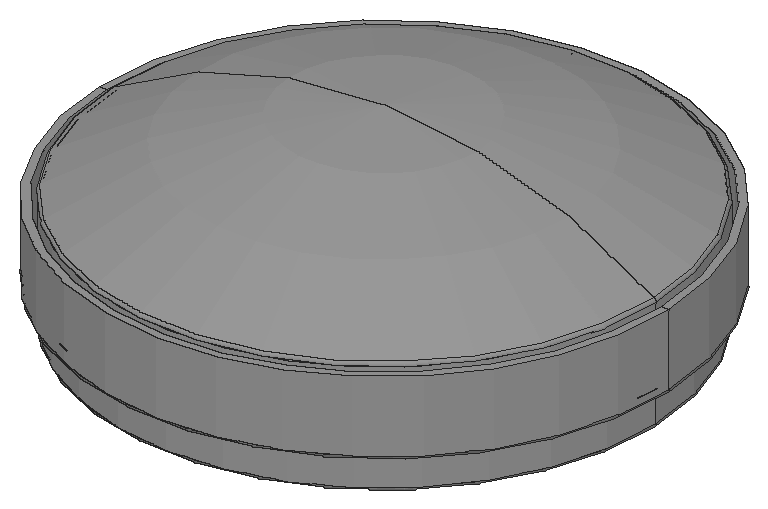
Revit family "3034788 Sylvania Lighting Fixture GIOTTO305 LED G2 4000K SURFACE 1-10V EMERGENCY", category Lighting Fixtures, host Face, Revit 2016
Family settings
  Host = Face
  Part Type = Normal
  Round Connector Dimension = Use Diameter
  OmniClass Number = 23.80.70.00
  OmniClass Title = Lighting
  Cut with Voids When Loaded = No
  Light Source = Yes
  Shared = No
  Room Calculation Point = No
Parameters (values of type "3034788 GIOTTO305 LED G2 4000K SURFACE 1-10V EMERGENCY Emergency mode")
  Weight = "1.41 kg"
  Wattage Comments = ""
  Wattage = 20 W
  WarrantyStartDate [instance] = "n/a"
  WarrantyGuarantorParts = "n/a"
  WarrantyDurationUnit = "n/a"
  WarrantyDurationParts = "n/a"
  WarrantyDescription = "n/a"
  built-in parameter 1150110 = 1 (stored number, unit not read)
  Voltage = 0 V
  URL = "http://www.sylvania-lighting.com"
  TypeName = "GIOTTO305 LED G2 4000K SURFACE 1-10V EMERGENCY Emergency mode"
  Type Image = <None>
  Type Comments = "n/a"
  built-in parameter 1114217 = 1 (stored number, unit not read)
  Tilt Angle = -90.00°
  built-in parameter 1150109 = 1 (stored number, unit not read)
  built-in parameter 1150134 = 12
  built-in parameter 1150113 = 1 (stored number, unit not read)
  SerialNumber [instance] = "n/a"
  Photometric Web File = "3034788EM.ies"
  Material_3_SYL = LED-Sylvania
  PowerFactor = 0
  PowerConsumption = "20 W"
  NominalLength = 305 mm
  NominalHeight = 104 mm
  NominalDepth = 305 mm
  Name = "GIOTTO305 LED G2 4000K SURFACE 1-10V EMERGENCY Emergency mode"
  ModelReference = Name  # "GIOTTO305 LED G2 4000K SURFACE 1-10V EMERGENCY Emergency mode"
  ModelNumber = "3034788"
  Model = Name  # "GIOTTO305 LED G2 4000K SURFACE 1-10V EMERGENCY Emergency mode"
  Material = "polycarbonate housing, polycarbonate diffuser"
  ManufacturerName = "Feilo Sylvania"
  Manufacturer = "Feilo Sylvania"
  LuminousEfficacy = "5.45 lm/W"
  built-in parameter 1150105 = 8.6739 (stored number, unit not read)
  Lumens = 109 lm
  LuminaireType = ""
  built-in parameter 1150115 = 1 (stored number, unit not read)
  LightOutputRatio = "n/a"
  built-in parameter 1150137 = (empty or 0)
  built-in parameter 1150139 = (empty or 0)
  LampsType = Lamp  # "LED"
  LampNominalLuminous = "109 lm"
  LampMacAdamStep = "n/a"
  LampColourTemperature = "4000 K"
  LampColourRenderingIndex = "80"
  built-in parameter 1150112 = 1 (stored number, unit not read)
  built-in parameter 1150114 = 1 (stored number, unit not read)
  Lamp = "LED"
  Keynote = "16500"
  InstallationDate [instance] = "n/a"
  InputVoltage = "n/a"
  InputNominalFrequency = "n/a"
  built-in parameter 1150132 = (empty or 0)
  built-in parameter 1150102 = (empty or 0)
  built-in parameter 1150107 = 4000 (stored number, unit not read)
  built-in parameter 1150138 = (empty or 0)
  IngressProtection = "IP44"
  ImpactProtectionIndex = "IK10"
  built-in parameter 1150106 = 0.086739 (stored number, unit not read)
  IfcExportType = "IfcLightFixtureType"
  IfcExportAs = "IfcLightFixtureType"
  Height_SYL = 104 mm
  ExpectedLife = 50000
  Emit from Circle Diameter = 317 mm
  Emit Shape Visible in Rendering = no
  ElectricShockClassification = "Class I"
  built-in parameter 1150104 = 0.50632 (stored number, unit not read)
  DurationUnit = "hours"
  DocumentationLiterature = "http://www.sylvania-lighting.com/product/en-int/products/3034788"
  DimmingControlOptions = "n/a"
  Material_2_SYL = Polycarbonate_Sylvania_Giotto_Opal
  Dimming Lamp Color Temperature Shift = <None>
  DiffuserRadius_SYL = 282.611 mm
  Diameter_SYL = 305 mm
  Description = "Ambient and decorative round, surface mounted LED bulkhead luminaire. White robust polycarbonate body with opal diffuser, 1596 lm, 20W, 80lm/W, 4000K, CRI 80, 1-10V dimmable, integral 3 hour maintained emergency, 50,000 hours lumen maintenance. Drive current: 700mA, IP44, IK10, Class I, 220-240V, Energy class: A++, A+, A."
  Default Elevation = 1219.2 mm
  CreatedOn = "11/7/2018"
  CreatedBy = "@sylvania-lighting.com"
  Cost = 0
  Color Filter = 16777215
  built-in parameter 1114216 [instance] = (empty or 0)
  ClassificationValue = "EF_70_80"
  ClassificationName = "Uniclass2015"
  Material_1_SYL = Polycarbonate_Sylvania_Giotto_White
  BarCode [instance] = "n/a"
  built-in parameter 1114218 = 1 (stored number, unit not read)
  built-in parameter 1150133 = 10 (stored number, unit not read)
  AssetType = "Fixed"
  AssetIdentifier [instance] = "n/a"
  Assembly Code = "D5020200"
  Apparent Load = 20 VA
  Material_4_SYL = none
Types (2, lengths in mm): name | TypeName | Photometric Web File | Name | ModelReference | Model | LuminousEfficacy | built-in parameter 1150105 | Lumens | LampNominalLuminous | built-in parameter 1150106 | built-in parameter 1150104
  3034788 GIOTTO305 LED G2 4000K SURFACE 1-10V EMERGENCY Emergency mode | "GIOTTO305 LED G2 4000K SURFACE 1-10V EMERGENCY Emergency mode" | "3034788EM.ies" | "GIOTTO305 LED G2 4000K SURFACE 1-10V EMERGENCY Emergency mode" | "GIOTTO305 LED G2 4000K SURFACE 1-10V EMERGENCY Emergency mode" | "GIOTTO305 LED G2 4000K SURFACE 1-10V EMERGENCY Emergency mode" | "5.45 lm/W" | 8.6739 (stored number, unit not read) | 109 lm | "109 lm" | 0.086739 (stored number, unit not read) | 0.50632 (stored number, unit not read)
  3034788 GIOTTO305 LED G2 4000K SURFACE 1-10V EMERGENCY | "GIOTTO305 LED G2 4000K SURFACE 1-10V EMERGENCY" | "3034788.ies" | "GIOTTO305 LED G2 4000K SURFACE 1-10V EMERGENCY" | "GIOTTO305 LED G2 4000K SURFACE 1-10V EMERGENCY" | "GIOTTO305 LED G2 4000K SURFACE 1-10V EMERGENCY" | "80 lm/W" | 127.32 (stored number, unit not read) | 1600 lm | "1596 lm" | 1.2732 (stored number, unit not read) | 7.4322 (stored number, unit not read)
Reference planes
  plane 1 "Center (Front/Back)": y = 0
  plane 2: z = 0
  plane 3 "Center (Left/Right)": x = 0
  plane 4: x = 152.5
  plane 5: x = -152.5
  plane 6: x = -145.5
  plane 7: x = -148.5
  plane 8: z = 104
  plane 9: z = 59
  plane 10: z = 19
  plane 11: z = 24
  plane 12: x = -150.9
  plane 13: z = 20.6
  plane 14: z = 1.6
  plane 15: x = -143.9
  plane 16: z = 18
  plane 17: x = -146.5
  plane 18: z = 25
  plane 19: z = 61
Forms (mm)
  Revolve 1, solid, material "Polycarbonate_Sylvania_Giotto_White" <- "Material_1_SYL"
    sketch origin (0, 0, 0) x (1, 0, 0) y (0, 0, 1)
      loop
        line (0, 0) -> (0, 25) -> (-143.9, 25) -> (-143.9, 24) -> (-148.5, 24) -> (-148.5, 59) -> (-152.5, 59) -> (-152.5, 20.6)
        arc (-152.5, 20.6) -> (-152.031, 19.469) -> (-150.9, 19) r 1.6
        line (-150.9, 19) -> (-146.5, 19)
        arc (-146.5, 19) -> (-145.793, 18.707) -> (-145.5, 18) r 1
        line (-145.5, 18) -> (-145.5, 1.6)
        arc (-145.5, 1.6) -> (-145.031, 0.469) -> (-143.9, 0) r 1.6
        line (-143.9, 0) -> (0, 0)
      axis (0, 59) -> (0, 0)
    angle from 360 to 0
  Revolve 2, solid, material "Polycarbonate_Sylvania_Giotto_Opal" <- "Material_2_SYL"
    sketch origin (0, 0, 0) x (1, 0, 0) y (0, 0, 1)
      loop
        line (-145.5, 24) -> (-143.9, 24) -> (-143.9, 59.636)
        arc (-143.9, 59.636) -> (-143.79, 60.068) -> (-143.485, 60.394) r 0.9
        arc (-143.485, 60.394) -> (-74.754, 91.683) -> (0, 102.4) r 266.066
        line (0, 102.4) -> (0, 104)
        arc (0, 104) -> (-75.203, 93.218) -> (-144.348, 61.742) r 267.666
        arc (-144.348, 61.742) -> (-145.193, 60.836) -> (-145.5, 59.636) r 2.5
        line (-145.5, 59.636) -> (-145.5, 24)
      axis (0, 104) -> (0, 24)
    angle from 360 to 0
Dimensions and locks
  equal spacing: plane 4, plane 3 "Center (Left/Right)", plane 5
  "Diameter_SYL": plane 4 to plane 5
  locked: plane 6 to plane 5 at 7
  locked: plane 7 to plane 5 at 4
  "Height_SYL": plane 8 to plane 2
  locked: plane 8 to plane 9 at 45
  locked: plane 9 to plane 10 at 40
  Revolve 1 sketch curve to Revolve 1 sketch curve = 4.4 mm
  locked: plane 11 to plane 10 at 5
  locked: plane 12 to plane 5 at 1.6
  locked: plane 13 to plane 10 at 1.6
  locked: plane 14 to plane 2 at 1.6
  locked: plane 15 to plane 6 at 1.6
  locked: plane 6 to plane 17 at 1
  locked: plane 10 to plane 16 at 1
  locked: plane 18 to plane 11 at 1
  locked: plane 19 to plane 9 at 2
  aligned and locked: plane 2 to host face
  aligned and locked: level to host face
  aligned and locked: Revolve 1 sketch curve to plane 3 "Center (Left/Right)"
  aligned and locked: level to Revolve 1 sketch curve
  aligned and locked: Revolve 1 sketch curve to plane 10
  aligned and locked: plane 9 to Revolve 1 sketch curve
  aligned and locked: Revolve 1 sketch curve to plane 7
  aligned and locked: plane 12 to Revolve 1 sketch curve  (x2)
  aligned and locked: plane 13 to Revolve 1 sketch curve  (x2)
  aligned and locked: plane 15 to Revolve 1 sketch curve  (x3)
  aligned and locked: plane 14 to Revolve 1 sketch curve  (x2)
  aligned and locked: plane 3 "Center (Left/Right)" to imposter light
  aligned and locked: imposter light to plane 1 "Center (Front/Back)"
  aligned and locked: plane 18 to Revolve 1 sketch curve
  aligned and locked: plane 11 to Revolve 1 sketch curve
  aligned and locked: imposter light to plane 8
  aligned and locked: plane 6 to Revolve 1 sketch curve
  aligned and locked: plane 17 to Revolve 1 sketch curve
  aligned and locked: plane 16 to Revolve 1 sketch curve
  aligned and locked: Revolve 2 sketch curve to plane 3 "Center (Left/Right)"
  aligned and locked: plane 6 to Revolve 2 sketch curve
  aligned and locked: plane 3 "Center (Left/Right)" to Revolve 2 sketch curve
  aligned and locked: plane 11 to Revolve 2 sketch curve
  aligned and locked: Revolve 2 sketch curve to imposter light
Automatic sketch dimensions
  host sketch curve to host sketch curve = 2438.4 mm  (x2)
  Revolve 1 sketch curve to plane 3 "Center (Left/Right)" = 0 mm
  Revolve 1 sketch curve to level = 609.6 mm
  Revolve 1 sketch curve to plane 8 = 2499.058 mm
  Revolve 2 sketch curve to Revolve 2 sketch curve = 0 mm  (x4)
  Revolve 2 sketch curve to plane 15 = 0 mm
  Revolve 2 sketch curve to plane 8 = 0 mm
  plane 15 to Revolve 2 sketch curve = 0.9 mm
  Revolve 2 sketch curve to level = 163.666 mm
  Revolve 2 sketch curve to plane 9 = 0.636 mm
  Revolve 2 sketch curve to Revolve 2 sketch curve = 445.934 mm
  Revolve 2 sketch curve to plane 8 = 2505.058 mm
Connectors
  electrical at (0, 0, 0), driven by "Apparent Load", driven by "PowerFactor", driven by "Voltage"
    settings: index 1, voltage 0 V, apparent load 20 VA, apparent load phase1 0 VA, apparent load phase2 0 VA, apparent load phase3 0 VA, power factor 0, load classification "Lighting", number of poles 1, system type 30, power factor state 1, is connector primary yes, connector utility no, sub classification motor no, connector description ""
